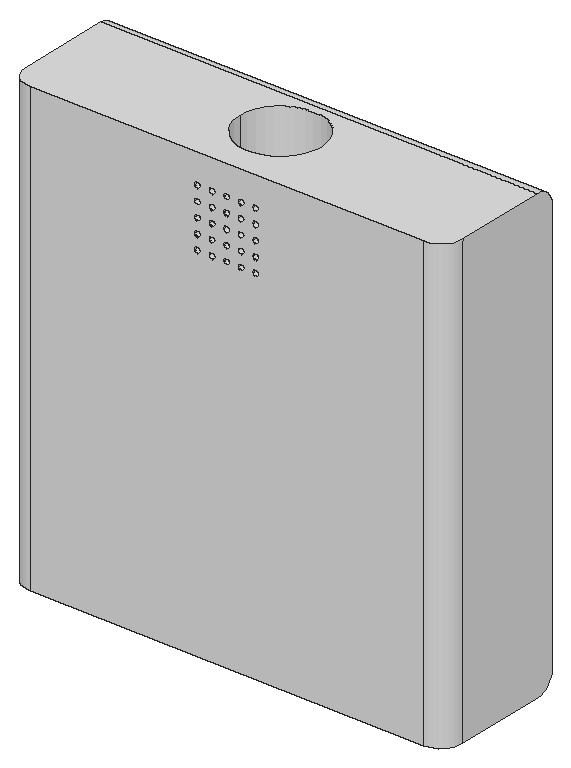
Revit family "PROOX Sanitary napkin disposal bin EN", category Furniture, Revit 2014
Parameters (values of type "ONE pure")
  URL = "http://www.proox.com/"
  Type Comments = "ONE pure"
  Product webpage [instance] = "http://www.proox.com/EN/sanitary-napkin-disposal-receptacle-stainless-steel/"
  Product data sheet [instance] = "http://www.proox.com/fileadmin/dam/Download/Produktdatenbl%C3%A4tter/english/Productspecification_PU-400.pdf"
  Model = "PU-400"
  Material = PROOX Stainless steel, brushed
  Manufacturer = "PROOX Ltd."  # constant formula
  Keynote = ""
  EAN-Nummer = "9120050350120"
  Description = "sanitary napkin disposal bin with integrated bag dispenser PROOX ONE pure made from stainless steel"
  Cost = 215
  BIM objects producer = "www.BIMtelligent.eu"  # constant formula
  Specification = "Sanitary napkin disposal bin with integrated bag dispenser. Made out of stainless steel. Surface with fine brushed structure. Cover 1.5 mm thickness. Intended for wall mounting. Perforated designed area with 4mm drillings. Including plastic bin for easy cleaning. 4 litres capacity. Self-closing mechanism. Integrated hygiene bag dispenser for hygiene bag boxes up to 132x87x20mm. Including anchors, stainless steel screws and cover to close the dispenser opening (if bag supply is not offered)."
Types (3, lengths in mm): name | Type Comments | Product webpage | Product data sheet | Model | Material | EAN-Nummer | Description | Cost | Specification
  (no name) | "ONE pure" | "http://www.proox.com/EN/sanitary-napkin-disposal-receptacle-stainless-steel/" | "http://www.proox.com/fileadmin/dam/Download/Produktdatenbl%C3%A4tter/english/Productspecification_PU-400.pdf" | "PU-400" | PROOX Stainless steel, brushed | "9120050350120" | "sanitary napkin disposal bin with integrated bag dispenser PROOX ONE pure made from stainless steel" | 215 | "Sanitary napkin disposal bin with integrated bag dispenser. Made out of stainless steel. Surface with fine brushed structure. Cover 1.5 mm thickness. Intended for wall mounting. Perforated designed area with 4mm drillings. Including plastic bin for easy cleaning. 4 litres capacity. Self-closing mechanism. Integrated hygiene bag dispenser for hygiene bag boxes up to 132x87x20mm. Including anchors, stainless steel screws and cover to close the dispenser opening (if bag supply is not offered)."
  ONE pure | "ONE pure" | "http://www.proox.com/EN/sanitary-napkin-disposal-receptacle-stainless-steel/" | "http://www.proox.com/fileadmin/dam/Download/Produktdatenbl%C3%A4tter/english/Productspecification_PU-400.pdf" | "PU-400" | PROOX Stainless steel, brushed | "9120050350120" | "sanitary napkin disposal bin with integrated bag dispenser PROOX ONE pure made from stainless steel" | 215 | "Sanitary napkin disposal bin with integrated bag dispenser. Made out of stainless steel. Surface with fine brushed structure. Cover 1.5 mm thickness. Intended for wall mounting. Perforated designed area with 4mm drillings. Including plastic bin for easy cleaning. 4 litres capacity. Self-closing mechanism. Integrated hygiene bag dispenser for hygiene bag boxes up to 132x87x20mm. Including anchors, stainless steel screws and cover to close the dispenser opening (if bag supply is not offered)."
  ONE dark passion | "ONE dark passion" | "http://www.proox.com/EN/sanitary-napkin-disposal-receptacle-black/" | "http://www.proox.com/fileadmin/dam/Download/Produktdatenbl%C3%A4tter/english/Productspecification_DP-400.pdf" | "DP-400" | PROOX Aluminum, black anodised | "9120050350243" | "sanitary napkin disposal bin with integrated bag dispenser PROOX ONE dark passion made from aluminum black anodized" | 245 | "Sanitary napkin disposal bin with integrated bag dispenser made out from glass pearl blasted and black anodised aluminum. Cover 3 mm thickness. Intended for wall mounting. Perforated designed area with 4mm drillings. Including plastic bin for easy cleaning. 4 litres capacity. Self-closing mechanism. Integrated hygiene bag dispenser for hygiene bag boxes up to 132x87x20mm. Including anchors, stainless steel screws and cover to close the dispenser opening (if bag supply is not offered)."
Reference planes
  plane 1 "Center (Front/Back)": y = 0
  plane 2: z = 0
  plane 3 "Center (Left/Right)": x = 0
Forms (mm)
  Extrusion 1, solid, material "PROOX Stainless steel, brushed" <- "Material", detail levels coarse+medium
    sketch origin (0, 0, 0) x (1, 0, 0) y (0, 1, 0)
      loop
        line (-150, 0) -> (-150, -91) -> (150, -91) -> (150, 0) -> (-150, 0)
    from 0 to 310
  Extrusion 2, solid, material "PROOX Stainless steel, brushed" <- "Material", detail levels fine
    sketch origin (0, 0, 0) x (1, 0, 0) y (0, 1, 0)
      loop
        line (-150, 0) -> (-150, -76)
        arc (-150, -76) -> (-145.607, -86.607) -> (-135, -91) r 15
        line (-135, -91) -> (135, -91)
        arc (135, -91) -> (145.607, -86.607) -> (150, -76) r 15
        line (150, -76) -> (150, 0) -> (-150, 0)
    from 0 to 310
  Extrusion 3, void
    sketch origin (0, 0, 0) x (1, 0, 0) y (0, 0, 1)
      loop
        circle (0, 290) r 2
      loop
        circle (-10, 290) r 2
      loop
        circle (-20, 290) r 2
      loop
        circle (10, 290) r 2
      loop
        circle (20, 290) r 2
      loop
        circle (0, 280) r 2
      loop
        circle (-10, 280) r 2
      loop
        circle (-20, 280) r 2
      loop
        circle (10, 280) r 2
      loop
        circle (20, 280) r 2
      loop
        circle (0, 270) r 2
      loop
        circle (-10, 270) r 2
      loop
        circle (-20, 270) r 2
      loop
        circle (10, 270) r 2
      loop
        circle (20, 270) r 2
      loop
        circle (0, 260) r 2
      loop
        circle (-10, 260) r 2
      loop
        circle (-20, 260) r 2
      loop
        circle (10, 260) r 2
      loop
        circle (20, 260) r 2
      loop
        circle (0, 250) r 2
      loop
        circle (-10, 250) r 2
      loop
        circle (-20, 250) r 2
      loop
        circle (10, 250) r 2
      loop
        circle (20, 250) r 2
    from 88 to 91
  Extrusion 4, void
    sketch origin (0, 0, 0) x (0, 1, 0) y (0, 0, 1)
      loop
        line (0, 310) -> (-12, 310)
        arc (-12, 310) -> (-3.515, 306.485) -> (0, 298) r 12
        line (0, 298) -> (0, 310)
      loop
        line (0, 0) -> (0, 12)
        arc (0, 12) -> (-3.515, 3.515) -> (-12, 0) r 12
        line (-12, 0) -> (0, 0)
    from 150 to -150
  Extrusion 5, void
    sketch origin (0, 0, 0) x (1, 0, 0) y (0, 1, 0)
      loop
        circle (0, -45) r 28
    from 200 to 310
Cuts and joins
  Extrusion 3, Extrusion 4, Extrusion 5 cuts Extrusion 2
Dimensions and locks
  aligned and locked: level to plane 2
